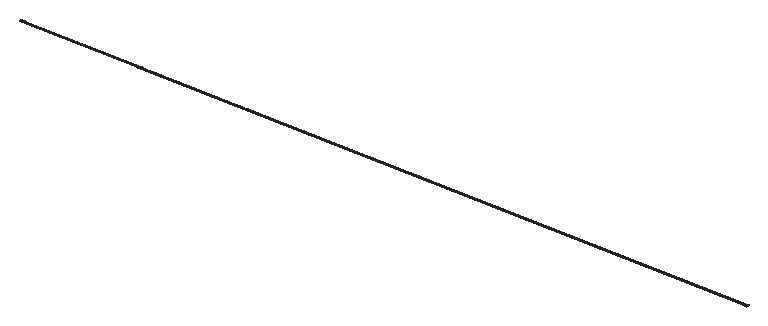
Revit family "0068173", category Lighting Fixtures, host Face, Revit 2017 (continued)
Forms (mm)
  Extrusion 71, solid
    sketch origin (999.592, 0, 0) x (1, 0, 0) y (0, 1, 0)
      loop
        line (86.3, -1.5) -> (86.3, 1.5) -> (84.3, 1.5) -> (84.3, -1.5) -> (86.3, -1.5)
    from -1.2 to -0.5
  Extrusion 72, solid
    sketch origin (1099.551, 0, 0) x (1, 0, 0) y (0, 1, 0)
      loop
        line (19.9, 1.5) -> (17.9, 1.5) -> (17.9, -1.5) -> (19.9, -1.5) -> (19.9, 1.5)
      loop
        line (34.5, 1.5) -> (34.5, -1.5) -> (36.5, -1.5) -> (36.5, 1.5) -> (34.5, 1.5)
      loop
        line (69.7, 1.5) -> (67.7, 1.5) -> (67.7, -1.5) -> (69.7, -1.5) -> (69.7, 1.5)
      loop
        line (86.3, -1.5) -> (86.3, 1.5) -> (84.3, 1.5) -> (84.3, -1.5) -> (86.3, -1.5)
    from -1.2 to -0.5
  Extrusion 73, solid
    sketch origin (1199.51, 0, 0) x (1, 0, 0) y (0, 1, 0)
      loop
        line (19.9, 1.5) -> (17.9, 1.5) -> (17.9, -1.5) -> (19.9, -1.5) -> (19.9, 1.5)
      loop
        line (34.5, 1.5) -> (34.5, -1.5) -> (36.5, -1.5) -> (36.5, 1.5) -> (34.5, 1.5)
      loop
        line (69.7, 1.5) -> (67.7, 1.5) -> (67.7, -1.5) -> (69.7, -1.5) -> (69.7, 1.5)
      loop
        line (86.3, -1.5) -> (86.3, 1.5) -> (84.3, 1.5) -> (84.3, -1.5) -> (86.3, -1.5)
    from -1.2 to -0.5
  Extrusion 74, solid
    sketch origin (1299.469, 0, 0) x (1, 0, 0) y (0, 1, 0)
      loop
        line (19.9, 1.5) -> (17.9, 1.5) -> (17.9, -1.5) -> (19.9, -1.5) -> (19.9, 1.5)
      loop
        line (34.5, 1.5) -> (34.5, -1.5) -> (36.5, -1.5) -> (36.5, 1.5) -> (34.5, 1.5)
      loop
        line (69.7, 1.5) -> (67.7, 1.5) -> (67.7, -1.5) -> (69.7, -1.5) -> (69.7, 1.5)
      loop
        line (86.3, -1.5) -> (86.3, 1.5) -> (84.3, 1.5) -> (84.3, -1.5) -> (86.3, -1.5)
    from -1.2 to -0.5
  Extrusion 75, solid
    sketch origin (1399.429, 0, 0) x (1, 0, 0) y (0, 1, 0)
      loop
        line (19.9, 1.5) -> (17.9, 1.5) -> (17.9, -1.5) -> (19.9, -1.5) -> (19.9, 1.5)
      loop
        line (34.5, 1.5) -> (34.5, -1.5) -> (36.5, -1.5) -> (36.5, 1.5) -> (34.5, 1.5)
      loop
        line (69.7, 1.5) -> (67.7, 1.5) -> (67.7, -1.5) -> (69.7, -1.5) -> (69.7, 1.5)
      loop
        line (86.3, -1.5) -> (86.3, 1.5) -> (84.3, 1.5) -> (84.3, -1.5) -> (86.3, -1.5)
    from -1.2 to -0.5
  Extrusion 76, solid
    sketch origin (1499.388, 0, 0) x (1, 0, 0) y (0, 1, 0)
      loop
        line (19.9, 1.5) -> (17.9, 1.5) -> (17.9, -1.5) -> (19.9, -1.5) -> (19.9, 1.5)
      loop
        line (34.5, 1.5) -> (34.5, -1.5) -> (36.5, -1.5) -> (36.5, 1.5) -> (34.5, 1.5)
      loop
        line (69.7, 1.5) -> (67.7, 1.5) -> (67.7, -1.5) -> (69.7, -1.5) -> (69.7, 1.5)
      loop
        line (86.3, -1.5) -> (86.3, 1.5) -> (84.3, 1.5) -> (84.3, -1.5) -> (86.3, -1.5)
    from -1.2 to -0.5
  Extrusion 77, solid
    sketch origin (1599.347, 0, 0) x (1, 0, 0) y (0, 1, 0)
      loop
        line (19.9, 1.5) -> (17.9, 1.5) -> (17.9, -1.5) -> (19.9, -1.5) -> (19.9, 1.5)
      loop
        line (34.5, 1.5) -> (34.5, -1.5) -> (36.5, -1.5) -> (36.5, 1.5) -> (34.5, 1.5)
      loop
        line (69.7, 1.5) -> (67.7, 1.5) -> (67.7, -1.5) -> (69.7, -1.5) -> (69.7, 1.5)
      loop
        line (86.3, -1.5) -> (86.3, 1.5) -> (84.3, 1.5) -> (84.3, -1.5) -> (86.3, -1.5)
    from -1.2 to -0.5
  Extrusion 78, solid
    sketch origin (1699.306, 0, 0) x (1, 0, 0) y (0, 1, 0)
      loop
        line (19.9, 1.5) -> (17.9, 1.5) -> (17.9, -1.5) -> (19.9, -1.5) -> (19.9, 1.5)
      loop
        line (34.5, 1.5) -> (34.5, -1.5) -> (36.5, -1.5) -> (36.5, 1.5) -> (34.5, 1.5)
      loop
        line (69.7, 1.5) -> (67.7, 1.5) -> (67.7, -1.5) -> (69.7, -1.5) -> (69.7, 1.5)
      loop
        line (86.3, -1.5) -> (86.3, 1.5) -> (84.3, 1.5) -> (84.3, -1.5) -> (86.3, -1.5)
    from -1.2 to -0.5
  Extrusion 79, solid
    sketch origin (1799.265, 0, 0) x (1, 0, 0) y (0, 1, 0)
      loop
        line (19.9, 1.5) -> (17.9, 1.5) -> (17.9, -1.5) -> (19.9, -1.5) -> (19.9, 1.5)
      loop
        line (34.5, 1.5) -> (34.5, -1.5) -> (36.5, -1.5) -> (36.5, 1.5) -> (34.5, 1.5)
      loop
        line (69.7, 1.5) -> (67.7, 1.5) -> (67.7, -1.5) -> (69.7, -1.5) -> (69.7, 1.5)
      loop
        line (86.3, -1.5) -> (86.3, 1.5) -> (84.3, 1.5) -> (84.3, -1.5) -> (86.3, -1.5)
    from -1.2 to -0.5
  Extrusion 80, solid
    sketch origin (1899.224, 0, 0) x (1, 0, 0) y (0, 1, 0)
      loop
        line (19.9, 1.5) -> (17.9, 1.5) -> (17.9, -1.5) -> (19.9, -1.5) -> (19.9, 1.5)
      loop
        line (34.5, 1.5) -> (34.5, -1.5) -> (36.5, -1.5) -> (36.5, 1.5) -> (34.5, 1.5)
      loop
        line (69.7, 1.5) -> (67.7, 1.5) -> (67.7, -1.5) -> (69.7, -1.5) -> (69.7, 1.5)
      loop
        line (86.3, -1.5) -> (86.3, 1.5) -> (84.3, 1.5) -> (84.3, -1.5) -> (86.3, -1.5)
    from -1.2 to -0.5
  Extrusion 81, solid
    sketch origin (1999.184, 0, 0) x (1, 0, 0) y (0, 1, 0)
      loop
        line (19.9, 1.5) -> (17.9, 1.5) -> (17.9, -1.5) -> (19.9, -1.5) -> (19.9, 1.5)
      loop
        line (34.5, 1.5) -> (34.5, -1.5) -> (36.5, -1.5) -> (36.5, 1.5) -> (34.5, 1.5)
      loop
        line (69.7, 1.5) -> (67.7, 1.5) -> (67.7, -1.5) -> (69.7, -1.5) -> (69.7, 1.5)
      loop
        line (86.3, -1.5) -> (86.3, 1.5) -> (84.3, 1.5) -> (84.3, -1.5) -> (86.3, -1.5)
    from -1.2 to -0.5
  Extrusion 82, solid
    sketch origin (2099.143, 0, 0) x (1, 0, 0) y (0, 1, 0)
      loop
        line (19.9, 1.5) -> (17.9, 1.5) -> (17.9, -1.5) -> (19.9, -1.5) -> (19.9, 1.5)
      loop
        line (34.5, 1.5) -> (34.5, -1.5) -> (36.5, -1.5) -> (36.5, 1.5) -> (34.5, 1.5)
      loop
        line (69.7, 1.5) -> (67.7, 1.5) -> (67.7, -1.5) -> (69.7, -1.5) -> (69.7, 1.5)
      loop
        line (86.3, -1.5) -> (86.3, 1.5) -> (84.3, 1.5) -> (84.3, -1.5) -> (86.3, -1.5)
    from -1.2 to -0.5
  Extrusion 83, solid
    sketch origin (2199.102, 0, 0) x (1, 0, 0) y (0, 1, 0)
      loop
        line (19.9, 1.5) -> (17.9, 1.5) -> (17.9, -1.5) -> (19.9, -1.5) -> (19.9, 1.5)
      loop
        line (34.5, 1.5) -> (34.5, -1.5) -> (36.5, -1.5) -> (36.5, 1.5) -> (34.5, 1.5)
      loop
        line (69.7, 1.5) -> (67.7, 1.5) -> (67.7, -1.5) -> (69.7, -1.5) -> (69.7, 1.5)
      loop
        line (86.3, -1.5) -> (86.3, 1.5) -> (84.3, 1.5) -> (84.3, -1.5) -> (86.3, -1.5)
    from -1.2 to -0.5
  Extrusion 84, solid
    sketch origin (2299.061, 0, 0) x (1, 0, 0) y (0, 1, 0)
      loop
        line (19.9, 1.5) -> (17.9, 1.5) -> (17.9, -1.5) -> (19.9, -1.5) -> (19.9, 1.5)
      loop
        line (34.5, 1.5) -> (34.5, -1.5) -> (36.5, -1.5) -> (36.5, 1.5) -> (34.5, 1.5)
      loop
        line (69.7, 1.5) -> (67.7, 1.5) -> (67.7, -1.5) -> (69.7, -1.5) -> (69.7, 1.5)
      loop
        line (86.3, -1.5) -> (86.3, 1.5) -> (84.3, 1.5) -> (84.3, -1.5) -> (86.3, -1.5)
    from -1.2 to -0.5
  Extrusion 85, solid
    sketch origin (2399.02, 0, 0) x (1, 0, 0) y (0, 1, 0)
      loop
        line (19.9, 1.5) -> (17.9, 1.5) -> (17.9, -1.5) -> (19.9, -1.5) -> (19.9, 1.5)
      loop
        line (34.5, 1.5) -> (34.5, -1.5) -> (36.5, -1.5) -> (36.5, 1.5) -> (34.5, 1.5)
      loop
        line (69.7, 1.5) -> (67.7, 1.5) -> (67.7, -1.5) -> (69.7, -1.5) -> (69.7, 1.5)
      loop
        line (86.3, -1.5) -> (86.3, 1.5) -> (84.3, 1.5) -> (84.3, -1.5) -> (86.3, -1.5)
    from -1.2 to -0.5
  Extrusion 86, solid
    sketch origin (2498.98, 0, 0) x (1, 0, 0) y (0, 1, 0)
      loop
        line (19.9, 1.5) -> (17.9, 1.5) -> (17.9, -1.5) -> (19.9, -1.5) -> (19.9, 1.5)
      loop
        line (34.5, 1.5) -> (34.5, -1.5) -> (36.5, -1.5) -> (36.5, 1.5) -> (34.5, 1.5)
      loop
        line (69.7, 1.5) -> (67.7, 1.5) -> (67.7, -1.5) -> (69.7, -1.5) -> (69.7, 1.5)
      loop
        line (86.3, -1.5) -> (86.3, 1.5) -> (84.3, 1.5) -> (84.3, -1.5) -> (86.3, -1.5)
    from -1.2 to -0.5
  Extrusion 87, solid
    sketch origin (2598.939, 0, 0) x (1, 0, 0) y (0, 1, 0)
      loop
        line (19.9, 1.5) -> (17.9, 1.5) -> (17.9, -1.5) -> (19.9, -1.5) -> (19.9, 1.5)
      loop
        line (34.5, 1.5) -> (34.5, -1.5) -> (36.5, -1.5) -> (36.5, 1.5) -> (34.5, 1.5)
      loop
        line (69.7, 1.5) -> (67.7, 1.5) -> (67.7, -1.5) -> (69.7, -1.5) -> (69.7, 1.5)
      loop
        line (86.3, -1.5) -> (86.3, 1.5) -> (84.3, 1.5) -> (84.3, -1.5) -> (86.3, -1.5)
    from -1.2 to -0.5
  Extrusion 88, solid
    sketch origin (2698.898, 0, 0) x (1, 0, 0) y (0, 1, 0)
      loop
        line (19.9, 1.5) -> (17.9, 1.5) -> (17.9, -1.5) -> (19.9, -1.5) -> (19.9, 1.5)
      loop
        line (34.5, 1.5) -> (34.5, -1.5) -> (36.5, -1.5) -> (36.5, 1.5) -> (34.5, 1.5)
      loop
        line (69.7, 1.5) -> (67.7, 1.5) -> (67.7, -1.5) -> (69.7, -1.5) -> (69.7, 1.5)
      loop
        line (86.3, -1.5) -> (86.3, 1.5) -> (84.3, 1.5) -> (84.3, -1.5) -> (86.3, -1.5)
    from -1.2 to -0.5
  Extrusion 89, solid
    sketch origin (2798.857, 0, 0) x (1, 0, 0) y (0, 1, 0)
      loop
        line (19.9, 1.5) -> (17.9, 1.5) -> (17.9, -1.5) -> (19.9, -1.5) -> (19.9, 1.5)
      loop
        line (34.5, 1.5) -> (34.5, -1.5) -> (36.5, -1.5) -> (36.5, 1.5) -> (34.5, 1.5)
      loop
        line (69.7, 1.5) -> (67.7, 1.5) -> (67.7, -1.5) -> (69.7, -1.5) -> (69.7, 1.5)
      loop
        line (86.3, -1.5) -> (86.3, 1.5) -> (84.3, 1.5) -> (84.3, -1.5) -> (86.3, -1.5)
    from -1.2 to -0.5
  Extrusion 90, solid
    sketch origin (2898.816, 0, 0) x (1, 0, 0) y (0, 1, 0)
      loop
        line (19.9, 1.5) -> (17.9, 1.5) -> (17.9, -1.5) -> (19.9, -1.5) -> (19.9, 1.5)
      loop
        line (34.5, 1.5) -> (34.5, -1.5) -> (36.5, -1.5) -> (36.5, 1.5) -> (34.5, 1.5)
      loop
        line (69.7, 1.5) -> (67.7, 1.5) -> (67.7, -1.5) -> (69.7, -1.5) -> (69.7, 1.5)
      loop
        line (86.3, -1.5) -> (86.3, 1.5) -> (84.3, 1.5) -> (84.3, -1.5) -> (86.3, -1.5)
    from -1.2 to -0.5
  Extrusion 91, solid
    sketch origin (2998.776, 0, 0) x (1, 0, 0) y (0, 1, 0)
      loop
        line (19.9, 1.5) -> (17.9, 1.5) -> (17.9, -1.5) -> (19.9, -1.5) -> (19.9, 1.5)
      loop
        line (34.5, 1.5) -> (34.5, -1.5) -> (36.5, -1.5) -> (36.5, 1.5) -> (34.5, 1.5)
      loop
        line (69.7, 1.5) -> (67.7, 1.5) -> (67.7, -1.5) -> (69.7, -1.5) -> (69.7, 1.5)
      loop
        line (86.3, -1.5) -> (86.3, 1.5) -> (84.3, 1.5) -> (84.3, -1.5) -> (86.3, -1.5)
    from -1.2 to -0.5
  Extrusion 92, solid
    sketch origin (3098.735, 0, 0) x (1, 0, 0) y (0, 1, 0)
      loop
        line (19.9, 1.5) -> (17.9, 1.5) -> (17.9, -1.5) -> (19.9, -1.5) -> (19.9, 1.5)
      loop
        line (34.5, 1.5) -> (34.5, -1.5) -> (36.5, -1.5) -> (36.5, 1.5) -> (34.5, 1.5)
      loop
        line (69.7, 1.5) -> (67.7, 1.5) -> (67.7, -1.5) -> (69.7, -1.5) -> (69.7, 1.5)
      loop
        line (86.3, -1.5) -> (86.3, 1.5) -> (84.3, 1.5) -> (84.3, -1.5) -> (86.3, -1.5)
    from -1.2 to -0.5
  Extrusion 93, solid
    sketch origin (3198.694, 0, 0) x (1, 0, 0) y (0, 1, 0)
      loop
        line (19.9, 1.5) -> (17.9, 1.5) -> (17.9, -1.5) -> (19.9, -1.5) -> (19.9, 1.5)
      loop
        line (34.5, 1.5) -> (34.5, -1.5) -> (36.5, -1.5) -> (36.5, 1.5) -> (34.5, 1.5)
      loop
        line (69.7, 1.5) -> (67.7, 1.5) -> (67.7, -1.5) -> (69.7, -1.5) -> (69.7, 1.5)
      loop
        line (86.3, -1.5) -> (86.3, 1.5) -> (84.3, 1.5) -> (84.3, -1.5) -> (86.3, -1.5)
    from -1.2 to -0.5
  Extrusion 94, solid
    sketch origin (3298.653, 0, 0) x (1, 0, 0) y (0, 1, 0)
      loop
        line (19.9, 1.5) -> (17.9, 1.5) -> (17.9, -1.5) -> (19.9, -1.5) -> (19.9, 1.5)
      loop
        line (34.5, 1.5) -> (34.5, -1.5) -> (36.5, -1.5) -> (36.5, 1.5) -> (34.5, 1.5)
      loop
        line (69.7, 1.5) -> (67.7, 1.5) -> (67.7, -1.5) -> (69.7, -1.5) -> (69.7, 1.5)
      loop
        line (86.3, -1.5) -> (86.3, 1.5) -> (84.3, 1.5) -> (84.3, -1.5) -> (86.3, -1.5)
    from -1.2 to -0.5
  Extrusion 95, solid
    sketch origin (3398.612, 0, 0) x (1, 0, 0) y (0, 1, 0)
      loop
        line (19.9, 1.5) -> (17.9, 1.5) -> (17.9, -1.5) -> (19.9, -1.5) -> (19.9, 1.5)
      loop
        line (34.5, 1.5) -> (34.5, -1.5) -> (36.5, -1.5) -> (36.5, 1.5) -> (34.5, 1.5)
      loop
        line (69.7, 1.5) -> (67.7, 1.5) -> (67.7, -1.5) -> (69.7, -1.5) -> (69.7, 1.5)
      loop
        line (86.3, -1.5) -> (86.3, 1.5) -> (84.3, 1.5) -> (84.3, -1.5) -> (86.3, -1.5)
    from -1.2 to -0.5
  Extrusion 96, solid
    sketch origin (3498.571, 0, 0) x (1, 0, 0) y (0, 1, 0)
      loop
        line (19.9, 1.5) -> (17.9, 1.5) -> (17.9, -1.5) -> (19.9, -1.5) -> (19.9, 1.5)
      loop
        line (34.5, 1.5) -> (34.5, -1.5) -> (36.5, -1.5) -> (36.5, 1.5) -> (34.5, 1.5)
      loop
        line (69.7, 1.5) -> (67.7, 1.5) -> (67.7, -1.5) -> (69.7, -1.5) -> (69.7, 1.5)
      loop
        line (86.3, -1.5) -> (86.3, 1.5) -> (84.3, 1.5) -> (84.3, -1.5) -> (86.3, -1.5)
    from -1.2 to -0.5
  Extrusion 97, solid
    sketch origin (3598.531, 0, 0) x (1, 0, 0) y (0, 1, 0)
      loop
        line (19.9, 1.5) -> (17.9, 1.5) -> (17.9, -1.5) -> (19.9, -1.5) -> (19.9, 1.5)
      loop
        line (34.5, 1.5) -> (34.5, -1.5) -> (36.5, -1.5) -> (36.5, 1.5) -> (34.5, 1.5)
      loop
        line (69.7, 1.5) -> (67.7, 1.5) -> (67.7, -1.5) -> (69.7, -1.5) -> (69.7, 1.5)
      loop
        line (86.3, -1.5) -> (86.3, 1.5) -> (84.3, 1.5) -> (84.3, -1.5) -> (86.3, -1.5)
    from -1.2 to -0.5
  Extrusion 98, solid
    sketch origin (3698.49, 0, 0) x (1, 0, 0) y (0, 1, 0)
      loop
        line (19.9, 1.5) -> (17.9, 1.5) -> (17.9, -1.5) -> (19.9, -1.5) -> (19.9, 1.5)
      loop
        line (34.5, 1.5) -> (34.5, -1.5) -> (36.5, -1.5) -> (36.5, 1.5) -> (34.5, 1.5)
      loop
        line (69.7, 1.5) -> (67.7, 1.5) -> (67.7, -1.5) -> (69.7, -1.5) -> (69.7, 1.5)
      loop
        line (86.3, -1.5) -> (86.3, 1.5) -> (84.3, 1.5) -> (84.3, -1.5) -> (86.3, -1.5)
    from -1.2 to -0.5
  Extrusion 99, solid
    sketch origin (3798.449, 0, 0) x (1, 0, 0) y (0, 1, 0)
      loop
        line (19.9, 1.5) -> (17.9, 1.5) -> (17.9, -1.5) -> (19.9, -1.5) -> (19.9, 1.5)
      loop
        line (34.5, 1.5) -> (34.5, -1.5) -> (36.5, -1.5) -> (36.5, 1.5) -> (34.5, 1.5)
      loop
        line (69.7, 1.5) -> (67.7, 1.5) -> (67.7, -1.5) -> (69.7, -1.5) -> (69.7, 1.5)
      loop
        line (86.3, -1.5) -> (86.3, 1.5) -> (84.3, 1.5) -> (84.3, -1.5) -> (86.3, -1.5)
    from -1.2 to -0.5
  Extrusion 100, solid
    sketch origin (3898.408, 0, 0) x (1, 0, 0) y (0, 1, 0)
      loop
        line (19.9, 1.5) -> (17.9, 1.5) -> (17.9, -1.5) -> (19.9, -1.5) -> (19.9, 1.5)
      loop
        line (34.5, 1.5) -> (34.5, -1.5) -> (36.5, -1.5) -> (36.5, 1.5) -> (34.5, 1.5)
      loop
        line (69.7, 1.5) -> (67.7, 1.5) -> (67.7, -1.5) -> (69.7, -1.5) -> (69.7, 1.5)
      loop
        line (86.3, -1.5) -> (86.3, 1.5) -> (84.3, 1.5) -> (84.3, -1.5) -> (86.3, -1.5)
    from -1.2 to -0.5
  Extrusion 101, solid
    sketch origin (3998.367, 0, 0) x (1, 0, 0) y (0, 1, 0)
      loop
        line (19.9, 1.5) -> (17.9, 1.5) -> (17.9, -1.5) -> (19.9, -1.5) -> (19.9, 1.5)
      loop
        line (34.5, 1.5) -> (34.5, -1.5) -> (36.5, -1.5) -> (36.5, 1.5) -> (34.5, 1.5)
      loop
        line (69.7, 1.5) -> (67.7, 1.5) -> (67.7, -1.5) -> (69.7, -1.5) -> (69.7, 1.5)
      loop
        line (86.3, -1.5) -> (86.3, 1.5) -> (84.3, 1.5) -> (84.3, -1.5) -> (86.3, -1.5)
    from -1.2 to -0.5
  Extrusion 102, solid
    sketch origin (4098.327, 0, 0) x (1, 0, 0) y (0, 1, 0)
      loop
        line (19.9, 1.5) -> (17.9, 1.5) -> (17.9, -1.5) -> (19.9, -1.5) -> (19.9, 1.5)
      loop
        line (34.5, 1.5) -> (34.5, -1.5) -> (36.5, -1.5) -> (36.5, 1.5) -> (34.5, 1.5)
      loop
        line (69.7, 1.5) -> (67.7, 1.5) -> (67.7, -1.5) -> (69.7, -1.5) -> (69.7, 1.5)
      loop
        line (86.3, -1.5) -> (86.3, 1.5) -> (84.3, 1.5) -> (84.3, -1.5) -> (86.3, -1.5)
    from -1.2 to -0.5
  Extrusion 103, solid
    sketch origin (4198.286, 0, 0) x (1, 0, 0) y (0, 1, 0)
      loop
        line (19.9, 1.5) -> (17.9, 1.5) -> (17.9, -1.5) -> (19.9, -1.5) -> (19.9, 1.5)
      loop
        line (34.5, 1.5) -> (34.5, -1.5) -> (36.5, -1.5) -> (36.5, 1.5) -> (34.5, 1.5)
      loop
        line (69.7, 1.5) -> (67.7, 1.5) -> (67.7, -1.5) -> (69.7, -1.5) -> (69.7, 1.5)
      loop
        line (86.3, -1.5) -> (86.3, 1.5) -> (84.3, 1.5) -> (84.3, -1.5) -> (86.3, -1.5)
    from -1.2 to -0.5
  Extrusion 104, solid
    sketch origin (4298.245, 0, 0) x (1, 0, 0) y (0, 1, 0)
      loop
        line (19.9, 1.5) -> (17.9, 1.5) -> (17.9, -1.5) -> (19.9, -1.5) -> (19.9, 1.5)
      loop
        line (34.5, 1.5) -> (34.5, -1.5) -> (36.5, -1.5) -> (36.5, 1.5) -> (34.5, 1.5)
      loop
        line (69.7, 1.5) -> (67.7, 1.5) -> (67.7, -1.5) -> (69.7, -1.5) -> (69.7, 1.5)
      loop
        line (86.3, -1.5) -> (86.3, 1.5) -> (84.3, 1.5) -> (84.3, -1.5) -> (86.3, -1.5)
    from -1.2 to -0.5
  Extrusion 105, solid
    sketch origin (4398.204, 0, 0) x (1, 0, 0) y (0, 1, 0)
      loop
        line (19.9, 1.5) -> (17.9, 1.5) -> (17.9, -1.5) -> (19.9, -1.5) -> (19.9, 1.5)
      loop
        line (34.5, 1.5) -> (34.5, -1.5) -> (36.5, -1.5) -> (36.5, 1.5) -> (34.5, 1.5)
      loop
        line (69.7, 1.5) -> (67.7, 1.5) -> (67.7, -1.5) -> (69.7, -1.5) -> (69.7, 1.5)
      loop
        line (86.3, -1.5) -> (86.3, 1.5) -> (84.3, 1.5) -> (84.3, -1.5) -> (86.3, -1.5)
    from -1.2 to -0.5
  Extrusion 106, solid
    sketch origin (4498.163, 0, 0) x (1, 0, 0) y (0, 1, 0)
      loop
        line (19.9, 1.5) -> (17.9, 1.5) -> (17.9, -1.5) -> (19.9, -1.5) -> (19.9, 1.5)
      loop
        line (34.5, 1.5) -> (34.5, -1.5) -> (36.5, -1.5) -> (36.5, 1.5) -> (34.5, 1.5)
      loop
        line (69.7, 1.5) -> (67.7, 1.5) -> (67.7, -1.5) -> (69.7, -1.5) -> (69.7, 1.5)
      loop
        line (86.3, -1.5) -> (86.3, 1.5) -> (84.3, 1.5) -> (84.3, -1.5) -> (86.3, -1.5)
    from -1.2 to -0.5
  Extrusion 107, solid
    sketch origin (4598.122, 0, 0) x (1, 0, 0) y (0, 1, 0)
      loop
        line (19.9, 1.5) -> (17.9, 1.5) -> (17.9, -1.5) -> (19.9, -1.5) -> (19.9, 1.5)
      loop
        line (34.5, 1.5) -> (34.5, -1.5) -> (36.5, -1.5) -> (36.5, 1.5) -> (34.5, 1.5)
      loop
        line (69.7, 1.5) -> (67.7, 1.5) -> (67.7, -1.5) -> (69.7, -1.5) -> (69.7, 1.5)
      loop
        line (86.3, -1.5) -> (86.3, 1.5) -> (84.3, 1.5) -> (84.3, -1.5) -> (86.3, -1.5)
    from -1.2 to -0.5
  Extrusion 108, solid
    sketch origin (4698.082, 0, 0) x (1, 0, 0) y (0, 1, 0)
      loop
        line (19.9, 1.5) -> (17.9, 1.5) -> (17.9, -1.5) -> (19.9, -1.5) -> (19.9, 1.5)
      loop
        line (34.5, 1.5) -> (34.5, -1.5) -> (36.5, -1.5) -> (36.5, 1.5) -> (34.5, 1.5)
      loop
        line (69.7, 1.5) -> (67.7, 1.5) -> (67.7, -1.5) -> (69.7, -1.5) -> (69.7, 1.5)
      loop
        line (86.3, -1.5) -> (86.3, 1.5) -> (84.3, 1.5) -> (84.3, -1.5) -> (86.3, -1.5)
    from -1.2 to -0.5
  Extrusion 109, solid
    sketch origin (4798.041, 0, 0) x (1, 0, 0) y (0, 1, 0)
      loop
        line (19.9, 1.5) -> (17.9, 1.5) -> (17.9, -1.5) -> (19.9, -1.5) -> (19.9, 1.5)
      loop
        line (34.5, 1.5) -> (34.5, -1.5) -> (36.5, -1.5) -> (36.5, 1.5) -> (34.5, 1.5)
      loop
        line (69.7, 1.5) -> (67.7, 1.5) -> (67.7, -1.5) -> (69.7, -1.5) -> (69.7, 1.5)
      loop
        line (86.3, -1.5) -> (86.3, 1.5) -> (84.3, 1.5) -> (84.3, -1.5) -> (86.3, -1.5)
    from -1.2 to -0.5
Dimensions and locks
  "CABLE_LENGHT_SYL": plane 7 to plane 3 "Center (Left/Right)"
  "LUM_WIDTH_SYL": plane 6 to plane 1 "Center (Front/Back)" to plane 5
  "CABLE_BLEND_SYL": plane 8 to plane 3 "Center (Left/Right)"
  "CABLE_END_SYL": plane 7 to plane 9
  "LUM_LENGHT_SYL": plane 3 "Center (Left/Right)" to plane 4
  "CABLE_DIST_SYL": plane 11 to plane 1 "Center (Front/Back)" to plane 10
  "CABLE_DIST2_SYL": plane 12 to plane 5
  "CABLE_DIST2_SYL": plane 6 to plane 13
  "LED_DIST1_SYL": plane 3 "Center (Left/Right)" to plane 14
  "LED_DIST_SYL": plane 14 to plane 15 to plane 16 to plane 17 to plane 18 to plane 19
  "LED_DIST_SYL": plane 34 to plane 35
  "LED_DIST_SYL": plane 36 to plane 37
  "LED_2_DIST_SYL": plane 35 to plane 36
  "LED_CH_S_WIDTH_SYL": plane 47 to plane 1 "Center (Front/Back)" to plane 46
  "LED_CH_L_WIDTH_SYL": plane 21 to plane 1 "Center (Front/Back)" to plane 20
  "LED_CH_L_DEPTH_SYL": plane 23 to plane 14 to plane 22
  "LED_CH_L_DEPTH_SYL": plane 25 to plane 15 to plane 24
  "LED_CH_L_DEPTH_SYL": plane 27 to plane 16 to plane 26
  "LED_CH_L_DEPTH_SYL": plane 28 to plane 17 to plane 29
  "LED_CH_L_DEPTH_SYL": plane 30 to plane 18 to plane 31
  "LED_CH_L_DEPTH_SYL": plane 33 to plane 19 to plane 32
  "LED_CH_S_DEPTH_SYL": plane 39 to plane 34 to plane 38
  "LED_CH_S_DEPTH_SYL": plane 40 to plane 35 to plane 41
  "LED_CH_S_DEPTH_SYL": plane 43 to plane 36 to plane 42
  "LED_CH_S_DEPTH_SYL": plane 44 to plane 37 to plane 45
  equal spacing: group 1, group 3, group 4, group 5, group 6, group 7, group 8, group 9, group 10, group 11, group 12, group 13, group 14, group 15, group 16, group 17, group 18, group 19, group 20, group 21, group 22, group 23, group 24, group 25, group 26, group 27, group 28, group 29, group 30, group 31, group 32, group 33, group 34, group 35, group 36, group 37, group 38, group 39, group 40, group 41, group 42, group 43, group 44, group 45, group 46, group 47, group 48, group 49, group 50, group 2  (x3)
  "PHOTOMETRY1_SYL": imposter light to plane 4
  "PHOTOMETRY2_SYL": imposter light to Extrusion 1
  "PHOTOMETRY3_SYL": Extrusion 29 to imposter light
  plane 4 to plane 49 = 5 mm
  "LUM__CAP_SYL": plane 48 to plane 3 "Center (Left/Right)"
  "LUM__CAP_SYL": plane 3 "Center (Left/Right)" to plane 50
  "LUM__CAP_SYL": plane 51 to plane 4
  "LUM__CAP_SYL": plane 4 to plane 49
  "LUM_CAD_W_SYL": plane 53 to plane 1 "Center (Front/Back)" to plane 52
  "LUM_PROT_SYL": plane 55 to plane 1 "Center (Front/Back)" to plane 54
  equal spacing: group 53, group 55, group 56, group 57, group 58, group 59, group 60, group 61, group 62, group 63, group 64, group 65, group 66, group 67, group 68, group 69, group 70, group 71, group 72, group 73, group 74, group 75, group 76, group 77, group 78, group 79, group 80, group 81, group 82, group 83, group 84, group 85, group 86, group 87, group 88, group 89, group 90, group 91, group 92, group 93, group 94, group 95, group 96, group 97, group 98, group 99, group 100, group 101, group 102, group 54  (x3)
  aligned and locked: host face to plane 2
  aligned and locked: host face to level
  aligned and locked: Extrusion 1 sketch curve to plane 4
  aligned and locked: Revolve 4 sketch curve to plane 10
  aligned and locked: Sweep 2 to Revolve 4 sketch curve
  aligned and locked: plane 12 to Revolve 4 sketch curve
  aligned and locked: plane 7 to Revolve 4 sketch curve
  aligned and locked: Revolve 5 sketch curve to plane 11  (x2)
  aligned and locked: Revolve 5 sketch curve to Sweep 3
  aligned and locked: plane 13 to Revolve 5 sketch curve
  aligned and locked: Revolve 5 sketch curve to plane 7
  aligned and locked: plane 3 "Center (Left/Right)" to Extrusion 1 sketch curve
  aligned and locked: Extrusion 58 sketch curve to plane 52
  aligned and locked: plane 50 to Extrusion 58 sketch curve
  aligned and locked: plane 53 to Extrusion 58 sketch curve
  aligned and locked: Extrusion 58 sketch curve to plane 48
  aligned and locked: Extrusion 59 sketch curve to plane 51
Automatic sketch dimensions
  level to Sweep 3 sketch curve = 0 mm
  Sweep 3 sketch curve to profile plane = 0 mm
  Sweep 2 sketch curve to level = 0 mm
  Sweep 2 sketch curve to profile plane = 0 mm
  host sketch curve to host sketch curve = 6451.645 mm
  host sketch curve to host sketch curve = 2438.4 mm
  Revolve 5 sketch curve to plane 7 = 1324 mm
  Extrusion 6 sketch curve to Extrusion 6 sketch curve = 2.8 mm  (x6)
  Extrusion 6 sketch curve to Extrusion 6 sketch curve = 13.8 mm  (x5)
  Extrusion 6 sketch curve to Extrusion 6 sketch curve = 0 mm  (x5)
  Extrusion 6 sketch curve to Extrusion 6 sketch curve = 3.4 mm  (x6)
  Extrusion 7 sketch curve to Extrusion 7 sketch curve = 2.8 mm  (x6)
  Extrusion 7 sketch curve to Extrusion 7 sketch curve = 13.8 mm  (x5)
  Extrusion 7 sketch curve to Extrusion 7 sketch curve = 0 mm  (x5)
  Extrusion 7 sketch curve to Extrusion 7 sketch curve = 3.4 mm  (x6)
  Extrusion 8 sketch curve to Extrusion 8 sketch curve = 2.8 mm  (x6)
  Extrusion 8 sketch curve to Extrusion 8 sketch curve = 13.8 mm  (x5)
  Extrusion 8 sketch curve to Extrusion 8 sketch curve = 0 mm  (x5)
  Extrusion 8 sketch curve to Extrusion 8 sketch curve = 3.4 mm  (x6)
  Extrusion 9 sketch curve to Extrusion 9 sketch curve = 2.8 mm  (x6)
  Extrusion 9 sketch curve to Extrusion 9 sketch curve = 13.8 mm  (x5)
  Extrusion 9 sketch curve to Extrusion 9 sketch curve = 0 mm  (x5)
  Extrusion 9 sketch curve to Extrusion 9 sketch curve = 3.4 mm  (x6)
  Extrusion 10 sketch curve to Extrusion 10 sketch curve = 2.8 mm  (x6)
  Extrusion 10 sketch curve to Extrusion 10 sketch curve = 13.8 mm  (x5)
  Extrusion 10 sketch curve to Extrusion 10 sketch curve = 0 mm  (x5)
  Extrusion 10 sketch curve to Extrusion 10 sketch curve = 3.4 mm  (x6)
  Extrusion 11 sketch curve to Extrusion 11 sketch curve = 2.8 mm  (x6)
  Extrusion 11 sketch curve to Extrusion 11 sketch curve = 13.8 mm  (x5)
  Extrusion 11 sketch curve to Extrusion 11 sketch curve = 0 mm  (x5)
  Extrusion 11 sketch curve to Extrusion 11 sketch curve = 3.4 mm  (x6)
  Extrusion 12 sketch curve to Extrusion 12 sketch curve = 2.8 mm  (x6)
  Extrusion 12 sketch curve to Extrusion 12 sketch curve = 13.8 mm  (x5)
  Extrusion 12 sketch curve to Extrusion 12 sketch curve = 0 mm  (x5)
  Extrusion 12 sketch curve to Extrusion 12 sketch curve = 3.4 mm  (x6)
  Extrusion 13 sketch curve to Extrusion 13 sketch curve = 2.8 mm  (x6)
  Extrusion 13 sketch curve to Extrusion 13 sketch curve = 13.8 mm  (x5)
  Extrusion 13 sketch curve to Extrusion 13 sketch curve = 0 mm  (x5)
  Extrusion 13 sketch curve to Extrusion 13 sketch curve = 3.4 mm  (x6)
  Extrusion 14 sketch curve to Extrusion 14 sketch curve = 2.8 mm  (x6)
  Extrusion 14 sketch curve to Extrusion 14 sketch curve = 13.8 mm  (x5)
  Extrusion 14 sketch curve to Extrusion 14 sketch curve = 0 mm  (x5)
  Extrusion 14 sketch curve to Extrusion 14 sketch curve = 3.4 mm  (x6)
  Extrusion 15 sketch curve to Extrusion 15 sketch curve = 2.8 mm  (x6)
  Extrusion 15 sketch curve to Extrusion 15 sketch curve = 13.8 mm  (x5)
  Extrusion 15 sketch curve to Extrusion 15 sketch curve = 0 mm  (x5)
  Extrusion 15 sketch curve to Extrusion 15 sketch curve = 3.4 mm  (x6)
  Extrusion 16 sketch curve to Extrusion 16 sketch curve = 2.8 mm  (x6)
  Extrusion 16 sketch curve to Extrusion 16 sketch curve = 13.8 mm  (x5)
  Extrusion 16 sketch curve to Extrusion 16 sketch curve = 0 mm  (x5)
  Extrusion 16 sketch curve to Extrusion 16 sketch curve = 3.4 mm  (x6)
  Extrusion 17 sketch curve to Extrusion 17 sketch curve = 2.8 mm  (x6)
  Extrusion 17 sketch curve to Extrusion 17 sketch curve = 13.8 mm  (x5)
  Extrusion 17 sketch curve to Extrusion 17 sketch curve = 0 mm  (x5)
  Extrusion 17 sketch curve to Extrusion 17 sketch curve = 3.4 mm  (x6)
  Extrusion 18 sketch curve to Extrusion 18 sketch curve = 2.8 mm  (x6)
  Extrusion 18 sketch curve to Extrusion 18 sketch curve = 13.8 mm  (x5)
  Extrusion 18 sketch curve to Extrusion 18 sketch curve = 0 mm  (x5)
  Extrusion 18 sketch curve to Extrusion 18 sketch curve = 3.4 mm  (x6)
  Extrusion 19 sketch curve to Extrusion 19 sketch curve = 2.8 mm  (x6)
  Extrusion 19 sketch curve to Extrusion 19 sketch curve = 13.8 mm  (x5)
  Extrusion 19 sketch curve to Extrusion 19 sketch curve = 0 mm  (x5)
  Extrusion 19 sketch curve to Extrusion 19 sketch curve = 3.4 mm  (x6)
  Extrusion 20 sketch curve to Extrusion 20 sketch curve = 2.8 mm  (x6)
  Extrusion 20 sketch curve to Extrusion 20 sketch curve = 13.8 mm  (x5)
  Extrusion 20 sketch curve to Extrusion 20 sketch curve = 0 mm  (x5)
  Extrusion 20 sketch curve to Extrusion 20 sketch curve = 3.4 mm  (x6)
  Extrusion 21 sketch curve to Extrusion 21 sketch curve = 2.8 mm  (x6)
  Extrusion 21 sketch curve to Extrusion 21 sketch curve = 13.8 mm  (x5)
  Extrusion 21 sketch curve to Extrusion 21 sketch curve = 0 mm  (x5)
  Extrusion 21 sketch curve to Extrusion 21 sketch curve = 3.4 mm  (x6)
  Extrusion 22 sketch curve to Extrusion 22 sketch curve = 2.8 mm  (x6)
  Extrusion 22 sketch curve to Extrusion 22 sketch curve = 13.8 mm  (x5)
  Extrusion 22 sketch curve to Extrusion 22 sketch curve = 0 mm  (x5)
  Extrusion 22 sketch curve to Extrusion 22 sketch curve = 3.4 mm  (x6)
  Extrusion 23 sketch curve to Extrusion 23 sketch curve = 2.8 mm  (x6)
  Extrusion 23 sketch curve to Extrusion 23 sketch curve = 13.8 mm  (x5)
  Extrusion 23 sketch curve to Extrusion 23 sketch curve = 0 mm  (x5)
  Extrusion 23 sketch curve to Extrusion 23 sketch curve = 3.4 mm  (x6)
  Extrusion 24 sketch curve to Extrusion 24 sketch curve = 2.8 mm  (x6)
  Extrusion 24 sketch curve to Extrusion 24 sketch curve = 13.8 mm  (x5)
  Extrusion 24 sketch curve to Extrusion 24 sketch curve = 0 mm  (x5)
  Extrusion 24 sketch curve to Extrusion 24 sketch curve = 3.4 mm  (x6)
  Extrusion 25 sketch curve to Extrusion 25 sketch curve = 2.8 mm  (x6)
  Extrusion 25 sketch curve to Extrusion 25 sketch curve = 13.8 mm  (x5)
  Extrusion 25 sketch curve to Extrusion 25 sketch curve = 0 mm  (x5)
  Extrusion 25 sketch curve to Extrusion 25 sketch curve = 3.4 mm  (x6)
  Extrusion 26 sketch curve to Extrusion 26 sketch curve = 2.8 mm  (x6)
  Extrusion 26 sketch curve to Extrusion 26 sketch curve = 13.8 mm  (x5)
  Extrusion 26 sketch curve to Extrusion 26 sketch curve = 0 mm  (x5)
  Extrusion 26 sketch curve to Extrusion 26 sketch curve = 3.4 mm  (x6)
  Extrusion 27 sketch curve to Extrusion 27 sketch curve = 2.8 mm  (x6)
  Extrusion 27 sketch curve to Extrusion 27 sketch curve = 13.8 mm  (x5)
  Extrusion 27 sketch curve to Extrusion 27 sketch curve = 0 mm  (x5)
  Extrusion 27 sketch curve to Extrusion 27 sketch curve = 3.4 mm  (x6)
  Extrusion 28 sketch curve to Extrusion 28 sketch curve = 2.8 mm  (x6)
  Extrusion 28 sketch curve to Extrusion 28 sketch curve = 13.8 mm  (x5)
  Extrusion 28 sketch curve to Extrusion 28 sketch curve = 0 mm  (x5)
  Extrusion 28 sketch curve to Extrusion 28 sketch curve = 3.4 mm  (x6)
  Extrusion 29 sketch curve to Extrusion 29 sketch curve = 2.8 mm  (x6)
  Extrusion 29 sketch curve to Extrusion 29 sketch curve = 13.8 mm  (x5)
  Extrusion 29 sketch curve to Extrusion 29 sketch curve = 0 mm  (x5)
  Extrusion 29 sketch curve to Extrusion 29 sketch curve = 3.4 mm  (x6)
  Extrusion 30 sketch curve to Extrusion 30 sketch curve = 2.8 mm  (x6)
  Extrusion 30 sketch curve to Extrusion 30 sketch curve = 13.8 mm  (x5)
  Extrusion 30 sketch curve to Extrusion 30 sketch curve = 0 mm  (x5)
  Extrusion 30 sketch curve to Extrusion 30 sketch curve = 3.4 mm  (x6)
  Extrusion 31 sketch curve to Extrusion 31 sketch curve = 2.8 mm  (x6)
  Extrusion 31 sketch curve to Extrusion 31 sketch curve = 13.8 mm  (x5)
  Extrusion 31 sketch curve to Extrusion 31 sketch curve = 0 mm  (x5)
  Extrusion 31 sketch curve to Extrusion 31 sketch curve = 3.4 mm  (x6)
  Extrusion 32 sketch curve to Extrusion 32 sketch curve = 2.8 mm  (x6)
  Extrusion 32 sketch curve to Extrusion 32 sketch curve = 13.8 mm  (x5)
  Extrusion 32 sketch curve to Extrusion 32 sketch curve = 0 mm  (x5)
  Extrusion 32 sketch curve to Extrusion 32 sketch curve = 3.4 mm  (x6)
  Extrusion 33 sketch curve to Extrusion 33 sketch curve = 2.8 mm  (x6)
  Extrusion 33 sketch curve to Extrusion 33 sketch curve = 13.8 mm  (x5)
  Extrusion 33 sketch curve to Extrusion 33 sketch curve = 0 mm  (x5)
  Extrusion 33 sketch curve to Extrusion 33 sketch curve = 3.4 mm  (x6)
  Extrusion 34 sketch curve to Extrusion 34 sketch curve = 2.8 mm  (x6)
  Extrusion 34 sketch curve to Extrusion 34 sketch curve = 13.8 mm  (x5)
  Extrusion 34 sketch curve to Extrusion 34 sketch curve = 0 mm  (x5)
  Extrusion 34 sketch curve to Extrusion 34 sketch curve = 3.4 mm  (x6)
  Extrusion 35 sketch curve to Extrusion 35 sketch curve = 2.8 mm  (x6)
  Extrusion 35 sketch curve to Extrusion 35 sketch curve = 13.8 mm  (x5)
  Extrusion 35 sketch curve to Extrusion 35 sketch curve = 0 mm  (x5)
  Extrusion 35 sketch curve to Extrusion 35 sketch curve = 3.4 mm  (x6)
  Extrusion 36 sketch curve to Extrusion 36 sketch curve = 2.8 mm  (x6)
  Extrusion 36 sketch curve to Extrusion 36 sketch curve = 13.8 mm  (x5)
  Extrusion 36 sketch curve to Extrusion 36 sketch curve = 0 mm  (x5)
  Extrusion 36 sketch curve to Extrusion 36 sketch curve = 3.4 mm  (x6)
  Extrusion 37 sketch curve to Extrusion 37 sketch curve = 2.8 mm  (x6)
  Extrusion 37 sketch curve to Extrusion 37 sketch curve = 13.8 mm  (x5)
  Extrusion 37 sketch curve to Extrusion 37 sketch curve = 0 mm  (x5)
  Extrusion 37 sketch curve to Extrusion 37 sketch curve = 3.4 mm  (x6)
  Extrusion 38 sketch curve to Extrusion 38 sketch curve = 2.8 mm  (x6)
  Extrusion 38 sketch curve to Extrusion 38 sketch curve = 13.8 mm  (x5)
  Extrusion 38 sketch curve to Extrusion 38 sketch curve = 0 mm  (x5)
  Extrusion 38 sketch curve to Extrusion 38 sketch curve = 3.4 mm  (x6)
  Extrusion 39 sketch curve to Extrusion 39 sketch curve = 2.8 mm  (x6)
  Extrusion 39 sketch curve to Extrusion 39 sketch curve = 13.8 mm  (x5)
  Extrusion 39 sketch curve to Extrusion 39 sketch curve = 0 mm  (x5)
  Extrusion 39 sketch curve to Extrusion 39 sketch curve = 3.4 mm  (x6)
  Extrusion 40 sketch curve to Extrusion 40 sketch curve = 2.8 mm  (x6)
  Extrusion 40 sketch curve to Extrusion 40 sketch curve = 13.8 mm  (x5)
  Extrusion 40 sketch curve to Extrusion 40 sketch curve = 0 mm  (x5)
  Extrusion 40 sketch curve to Extrusion 40 sketch curve = 3.4 mm  (x6)
  Extrusion 41 sketch curve to Extrusion 41 sketch curve = 2.8 mm  (x6)
  Extrusion 41 sketch curve to Extrusion 41 sketch curve = 13.8 mm  (x5)
  Extrusion 41 sketch curve to Extrusion 41 sketch curve = 0 mm  (x5)
  Extrusion 41 sketch curve to Extrusion 41 sketch curve = 3.4 mm  (x6)
  Extrusion 42 sketch curve to Extrusion 42 sketch curve = 2.8 mm  (x6)
  Extrusion 42 sketch curve to Extrusion 42 sketch curve = 13.8 mm  (x5)
  Extrusion 42 sketch curve to Extrusion 42 sketch curve = 0 mm  (x5)
  Extrusion 42 sketch curve to Extrusion 42 sketch curve = 3.4 mm  (x6)
  Extrusion 43 sketch curve to Extrusion 43 sketch curve = 2.8 mm  (x6)
  Extrusion 43 sketch curve to Extrusion 43 sketch curve = 13.8 mm  (x5)
  Extrusion 43 sketch curve to Extrusion 43 sketch curve = 0 mm  (x5)
  Extrusion 43 sketch curve to Extrusion 43 sketch curve = 3.4 mm  (x6)
  Extrusion 44 sketch curve to Extrusion 44 sketch curve = 2.8 mm  (x6)
  Extrusion 44 sketch curve to Extrusion 44 sketch curve = 13.8 mm  (x5)
  Extrusion 44 sketch curve to Extrusion 44 sketch curve = 0 mm  (x5)
  Extrusion 44 sketch curve to Extrusion 44 sketch curve = 3.4 mm  (x6)
  Extrusion 45 sketch curve to Extrusion 45 sketch curve = 2.8 mm  (x6)
  Extrusion 45 sketch curve to Extrusion 45 sketch curve = 13.8 mm  (x5)
  Extrusion 45 sketch curve to Extrusion 45 sketch curve = 0 mm  (x5)
  Extrusion 45 sketch curve to Extrusion 45 sketch curve = 3.4 mm  (x6)
  Extrusion 46 sketch curve to Extrusion 46 sketch curve = 2.8 mm  (x6)
  Extrusion 46 sketch curve to Extrusion 46 sketch curve = 13.8 mm  (x5)
  Extrusion 46 sketch curve to Extrusion 46 sketch curve = 0 mm  (x5)
  Extrusion 46 sketch curve to Extrusion 46 sketch curve = 3.4 mm  (x6)
  Extrusion 47 sketch curve to Extrusion 47 sketch curve = 2.8 mm  (x6)
  Extrusion 47 sketch curve to Extrusion 47 sketch curve = 13.8 mm  (x5)
  Extrusion 47 sketch curve to Extrusion 47 sketch curve = 0 mm  (x5)
  Extrusion 47 sketch curve to Extrusion 47 sketch curve = 3.4 mm  (x6)
  Extrusion 48 sketch curve to Extrusion 48 sketch curve = 2.8 mm  (x6)
  Extrusion 48 sketch curve to Extrusion 48 sketch curve = 13.8 mm  (x5)
  Extrusion 48 sketch curve to Extrusion 48 sketch curve = 0 mm  (x5)
  Extrusion 48 sketch curve to Extrusion 48 sketch curve = 3.4 mm  (x6)
  Extrusion 49 sketch curve to Extrusion 49 sketch curve = 2.8 mm  (x6)
  Extrusion 49 sketch curve to Extrusion 49 sketch curve = 13.8 mm  (x5)
  Extrusion 49 sketch curve to Extrusion 49 sketch curve = 0 mm  (x5)
  Extrusion 49 sketch curve to Extrusion 49 sketch curve = 3.4 mm  (x6)
  Extrusion 50 sketch curve to Extrusion 50 sketch curve = 2.8 mm  (x6)
  Extrusion 50 sketch curve to Extrusion 50 sketch curve = 13.8 mm  (x5)
  Extrusion 50 sketch curve to Extrusion 50 sketch curve = 0 mm  (x5)
  Extrusion 50 sketch curve to Extrusion 50 sketch curve = 3.4 mm  (x6)
  Extrusion 51 sketch curve to Extrusion 51 sketch curve = 2.8 mm  (x6)
  Extrusion 51 sketch curve to Extrusion 51 sketch curve = 13.8 mm  (x5)
  Extrusion 51 sketch curve to Extrusion 51 sketch curve = 0 mm  (x5)
  Extrusion 51 sketch curve to Extrusion 51 sketch curve = 3.4 mm  (x6)
  Extrusion 52 sketch curve to Extrusion 52 sketch curve = 2.8 mm  (x6)
  Extrusion 52 sketch curve to Extrusion 52 sketch curve = 13.8 mm  (x5)
  Extrusion 52 sketch curve to Extrusion 52 sketch curve = 0 mm  (x5)
  Extrusion 52 sketch curve to Extrusion 52 sketch curve = 3.4 mm  (x6)
  Extrusion 53 sketch curve to Extrusion 53 sketch curve = 2.8 mm  (x6)
  Extrusion 53 sketch curve to Extrusion 53 sketch curve = 13.8 mm  (x5)
  Extrusion 53 sketch curve to Extrusion 53 sketch curve = 0 mm  (x5)
  Extrusion 53 sketch curve to Extrusion 53 sketch curve = 3.4 mm  (x6)
  Extrusion 54 sketch curve to Extrusion 54 sketch curve = 2.8 mm  (x6)
  Extrusion 54 sketch curve to Extrusion 54 sketch curve = 13.8 mm  (x5)
  Extrusion 54 sketch curve to Extrusion 54 sketch curve = 0 mm  (x5)
  Extrusion 54 sketch curve to Extrusion 54 sketch curve = 3.4 mm  (x6)
  Extrusion 55 sketch curve to Extrusion 55 sketch curve = 2.8 mm  (x6)
  Extrusion 55 sketch curve to Extrusion 55 sketch curve = 13.8 mm  (x5)
  Extrusion 55 sketch curve to Extrusion 55 sketch curve = 0 mm  (x5)
  Extrusion 55 sketch curve to Extrusion 55 sketch curve = 3.4 mm  (x6)
  Extrusion 56 sketch curve to Extrusion 56 sketch curve = 2 mm  (x4)
  Extrusion 56 sketch curve to Extrusion 56 sketch curve = 14.6 mm  (x2)
  Extrusion 56 sketch curve to Extrusion 56 sketch curve = 31.2 mm
  Extrusion 56 sketch curve to Extrusion 56 sketch curve = 0 mm  (x3)
  Extrusion 56 sketch curve to Extrusion 56 sketch curve = 3 mm  (x4)
  Extrusion 57 sketch curve to Extrusion 57 sketch curve = 2 mm  (x4)
  Extrusion 57 sketch curve to Extrusion 57 sketch curve = 14.6 mm  (x2)
  Extrusion 57 sketch curve to Extrusion 57 sketch curve = 31.2 mm
  Extrusion 57 sketch curve to Extrusion 57 sketch curve = 0 mm  (x3)
  Extrusion 57 sketch curve to Extrusion 57 sketch curve = 3 mm  (x4)
  plane 32 to Revolve 5 sketch curve = 1429 mm
  plane 6 to Extrusion 1 sketch curve = 0 mm
  plane 5 to Extrusion 1 sketch curve = 0 mm
  Extrusion 58 sketch curve to plane 51 = 0 mm
  Extrusion 58 sketch curve to plane 49 = 0 mm
  plane 52 to Extrusion 58 sketch curve = 0.013 mm
  plane 53 to Extrusion 58 sketch curve = 0.029 mm
  Sweep 2 sketch curve to plane 9 = 0 mm
  plane 10 to Sweep 2 sketch curve = 0 mm
  Sweep 2 sketch curve to plane 48 = 0 mm
  Sweep 3 sketch curve to plane 9 = 0 mm
  plane 11 to Sweep 3 sketch curve = 0 mm
  Sweep 3 sketch curve to plane 48 = 0 mm
  Extrusion 59 sketch curve to plane 50 = 0 mm
  plane 55 to Extrusion 59 sketch curve = 0 mm
  plane 54 to Extrusion 59 sketch curve = 0 mm
  Extrusion 60 sketch curve to Extrusion 60 sketch curve = 2 mm  (x4)
  Extrusion 60 sketch curve to Extrusion 60 sketch curve = 14.6 mm  (x2)
  Extrusion 60 sketch curve to Extrusion 60 sketch curve = 31.2 mm
  Extrusion 60 sketch curve to Extrusion 60 sketch curve = 0 mm  (x3)
  Extrusion 60 sketch curve to Extrusion 60 sketch curve = 3 mm  (x4)
  Extrusion 61 sketch curve to Extrusion 61 sketch curve = 2 mm  (x4)
  Extrusion 61 sketch curve to Extrusion 61 sketch curve = 14.6 mm  (x2)
  Extrusion 61 sketch curve to Extrusion 61 sketch curve = 31.2 mm
  Extrusion 61 sketch curve to Extrusion 61 sketch curve = 0 mm  (x3)
  Extrusion 61 sketch curve to Extrusion 61 sketch curve = 3 mm  (x4)
  Extrusion 62 sketch curve to Extrusion 62 sketch curve = 2 mm  (x4)
  Extrusion 62 sketch curve to Extrusion 62 sketch curve = 14.6 mm  (x2)
  Extrusion 62 sketch curve to Extrusion 62 sketch curve = 31.2 mm
  Extrusion 62 sketch curve to Extrusion 62 sketch curve = 0 mm  (x3)
  Extrusion 62 sketch curve to Extrusion 62 sketch curve = 3 mm  (x4)
  Extrusion 63 sketch curve to Extrusion 63 sketch curve = 2 mm  (x4)
  Extrusion 63 sketch curve to Extrusion 63 sketch curve = 14.6 mm  (x2)
  Extrusion 63 sketch curve to Extrusion 63 sketch curve = 31.2 mm
  Extrusion 63 sketch curve to Extrusion 63 sketch curve = 0 mm  (x3)
  Extrusion 63 sketch curve to Extrusion 63 sketch curve = 3 mm  (x4)
  Extrusion 64 sketch curve to Extrusion 64 sketch curve = 2 mm  (x4)
  Extrusion 64 sketch curve to Extrusion 64 sketch curve = 14.6 mm  (x2)
  Extrusion 64 sketch curve to Extrusion 64 sketch curve = 31.2 mm
  Extrusion 64 sketch curve to Extrusion 64 sketch curve = 0 mm  (x3)
  Extrusion 64 sketch curve to Extrusion 64 sketch curve = 3 mm  (x4)
  Extrusion 65 sketch curve to Extrusion 65 sketch curve = 2 mm  (x4)
  Extrusion 65 sketch curve to Extrusion 65 sketch curve = 14.6 mm  (x2)
  Extrusion 65 sketch curve to Extrusion 65 sketch curve = 31.2 mm
  Extrusion 65 sketch curve to Extrusion 65 sketch curve = 0 mm  (x3)
  Extrusion 65 sketch curve to Extrusion 65 sketch curve = 3 mm  (x4)
  Extrusion 66 sketch curve to Extrusion 66 sketch curve = 2 mm  (x4)
  Extrusion 66 sketch curve to Extrusion 66 sketch curve = 14.6 mm  (x2)
  Extrusion 66 sketch curve to Extrusion 66 sketch curve = 31.2 mm
  Extrusion 66 sketch curve to Extrusion 66 sketch curve = 0 mm  (x3)
  Extrusion 66 sketch curve to Extrusion 66 sketch curve = 3 mm  (x4)
  Extrusion 67 sketch curve to Extrusion 67 sketch curve = 2 mm  (x4)
  Extrusion 67 sketch curve to Extrusion 67 sketch curve = 14.6 mm  (x2)
  Extrusion 67 sketch curve to Extrusion 67 sketch curve = 31.2 mm
  Extrusion 67 sketch curve to Extrusion 67 sketch curve = 0 mm  (x3)
  Extrusion 67 sketch curve to Extrusion 67 sketch curve = 3 mm  (x4)
  Extrusion 68 sketch curve to Extrusion 68 sketch curve = 2 mm  (x4)
  Extrusion 68 sketch curve to Extrusion 68 sketch curve = 14.6 mm  (x2)
  Extrusion 68 sketch curve to Extrusion 68 sketch curve = 31.2 mm
  Extrusion 68 sketch curve to Extrusion 68 sketch curve = 0 mm  (x3)
  Extrusion 68 sketch curve to Extrusion 68 sketch curve = 3 mm  (x4)
  Extrusion 69 sketch curve to Extrusion 69 sketch curve = 2 mm  (x4)
  Extrusion 69 sketch curve to Extrusion 69 sketch curve = 14.6 mm  (x2)
  Extrusion 69 sketch curve to Extrusion 69 sketch curve = 31.2 mm
  Extrusion 69 sketch curve to Extrusion 69 sketch curve = 0 mm  (x3)
  Extrusion 69 sketch curve to Extrusion 69 sketch curve = 3 mm  (x4)
  Extrusion 70 sketch curve to Extrusion 70 sketch curve = 2 mm  (x4)
  Extrusion 70 sketch curve to Extrusion 70 sketch curve = 14.6 mm  (x2)
  Extrusion 70 sketch curve to Extrusion 70 sketch curve = 31.2 mm
  Extrusion 70 sketch curve to Extrusion 70 sketch curve = 0 mm  (x3)
  Extrusion 70 sketch curve to Extrusion 70 sketch curve = 3 mm  (x4)
  Extrusion 71 sketch curve to Extrusion 71 sketch curve = 2 mm  (x4)
  Extrusion 71 sketch curve to Extrusion 71 sketch curve = 14.6 mm  (x2)
  Extrusion 71 sketch curve to Extrusion 71 sketch curve = 31.2 mm
  Extrusion 71 sketch curve to Extrusion 71 sketch curve = 0 mm  (x3)
  Extrusion 71 sketch curve to Extrusion 71 sketch curve = 3 mm  (x4)
  Extrusion 72 sketch curve to Extrusion 72 sketch curve = 2 mm  (x4)
  Extrusion 72 sketch curve to Extrusion 72 sketch curve = 14.6 mm  (x2)
  Extrusion 72 sketch curve to Extrusion 72 sketch curve = 31.2 mm
  Extrusion 72 sketch curve to Extrusion 72 sketch curve = 0 mm  (x3)
  Extrusion 72 sketch curve to Extrusion 72 sketch curve = 3 mm  (x4)
  Extrusion 73 sketch curve to Extrusion 73 sketch curve = 2 mm  (x4)
  Extrusion 73 sketch curve to Extrusion 73 sketch curve = 14.6 mm  (x2)
  Extrusion 73 sketch curve to Extrusion 73 sketch curve = 31.2 mm
  Extrusion 73 sketch curve to Extrusion 73 sketch curve = 0 mm  (x3)
  Extrusion 73 sketch curve to Extrusion 73 sketch curve = 3 mm  (x4)
  Extrusion 74 sketch curve to Extrusion 74 sketch curve = 2 mm  (x4)
  Extrusion 74 sketch curve to Extrusion 74 sketch curve = 14.6 mm  (x2)
  Extrusion 74 sketch curve to Extrusion 74 sketch curve = 31.2 mm
  Extrusion 74 sketch curve to Extrusion 74 sketch curve = 0 mm  (x3)
  Extrusion 74 sketch curve to Extrusion 74 sketch curve = 3 mm  (x4)
  Extrusion 75 sketch curve to Extrusion 75 sketch curve = 2 mm  (x4)
  Extrusion 75 sketch curve to Extrusion 75 sketch curve = 14.6 mm  (x2)
  Extrusion 75 sketch curve to Extrusion 75 sketch curve = 31.2 mm
  Extrusion 75 sketch curve to Extrusion 75 sketch curve = 0 mm  (x3)
  Extrusion 75 sketch curve to Extrusion 75 sketch curve = 3 mm  (x4)
  Extrusion 76 sketch curve to Extrusion 76 sketch curve = 2 mm  (x4)
  Extrusion 76 sketch curve to Extrusion 76 sketch curve = 14.6 mm  (x2)
  Extrusion 76 sketch curve to Extrusion 76 sketch curve = 31.2 mm
  Extrusion 76 sketch curve to Extrusion 76 sketch curve = 0 mm  (x3)
  Extrusion 76 sketch curve to Extrusion 76 sketch curve = 3 mm  (x4)
  Extrusion 77 sketch curve to Extrusion 77 sketch curve = 2 mm  (x4)
  Extrusion 77 sketch curve to Extrusion 77 sketch curve = 14.6 mm  (x2)
  Extrusion 77 sketch curve to Extrusion 77 sketch curve = 31.2 mm
  Extrusion 77 sketch curve to Extrusion 77 sketch curve = 0 mm  (x3)
  Extrusion 77 sketch curve to Extrusion 77 sketch curve = 3 mm  (x4)
  Extrusion 78 sketch curve to Extrusion 78 sketch curve = 2 mm  (x4)
  Extrusion 78 sketch curve to Extrusion 78 sketch curve = 14.6 mm  (x2)
  Extrusion 78 sketch curve to Extrusion 78 sketch curve = 31.2 mm
  Extrusion 78 sketch curve to Extrusion 78 sketch curve = 0 mm  (x3)
  Extrusion 78 sketch curve to Extrusion 78 sketch curve = 3 mm  (x4)
  Extrusion 79 sketch curve to Extrusion 79 sketch curve = 2 mm  (x4)
  Extrusion 79 sketch curve to Extrusion 79 sketch curve = 14.6 mm  (x2)
  Extrusion 79 sketch curve to Extrusion 79 sketch curve = 31.2 mm
  Extrusion 79 sketch curve to Extrusion 79 sketch curve = 0 mm  (x3)
  Extrusion 79 sketch curve to Extrusion 79 sketch curve = 3 mm  (x4)
  Extrusion 80 sketch curve to Extrusion 80 sketch curve = 2 mm  (x4)
  Extrusion 80 sketch curve to Extrusion 80 sketch curve = 14.6 mm  (x2)
  Extrusion 80 sketch curve to Extrusion 80 sketch curve = 31.2 mm
  Extrusion 80 sketch curve to Extrusion 80 sketch curve = 0 mm  (x3)
  Extrusion 80 sketch curve to Extrusion 80 sketch curve = 3 mm  (x4)
  Extrusion 81 sketch curve to Extrusion 81 sketch curve = 2 mm  (x4)
  Extrusion 81 sketch curve to Extrusion 81 sketch curve = 14.6 mm  (x2)
  Extrusion 81 sketch curve to Extrusion 81 sketch curve = 31.2 mm
  Extrusion 81 sketch curve to Extrusion 81 sketch curve = 0 mm  (x3)
  Extrusion 81 sketch curve to Extrusion 81 sketch curve = 3 mm  (x4)
  Extrusion 82 sketch curve to Extrusion 82 sketch curve = 2 mm  (x4)
  Extrusion 82 sketch curve to Extrusion 82 sketch curve = 14.6 mm  (x2)
  Extrusion 82 sketch curve to Extrusion 82 sketch curve = 31.2 mm
  Extrusion 82 sketch curve to Extrusion 82 sketch curve = 0 mm  (x3)
  Extrusion 82 sketch curve to Extrusion 82 sketch curve = 3 mm  (x4)
  Extrusion 83 sketch curve to Extrusion 83 sketch curve = 2 mm  (x4)
  Extrusion 83 sketch curve to Extrusion 83 sketch curve = 14.6 mm  (x2)
  Extrusion 83 sketch curve to Extrusion 83 sketch curve = 31.2 mm
  Extrusion 83 sketch curve to Extrusion 83 sketch curve = 0 mm  (x3)
  Extrusion 83 sketch curve to Extrusion 83 sketch curve = 3 mm  (x4)
  Extrusion 84 sketch curve to Extrusion 84 sketch curve = 2 mm  (x4)
  Extrusion 84 sketch curve to Extrusion 84 sketch curve = 14.6 mm  (x2)
  Extrusion 84 sketch curve to Extrusion 84 sketch curve = 31.2 mm
  Extrusion 84 sketch curve to Extrusion 84 sketch curve = 0 mm  (x3)
  Extrusion 84 sketch curve to Extrusion 84 sketch curve = 3 mm  (x4)
  Extrusion 85 sketch curve to Extrusion 85 sketch curve = 2 mm  (x4)
  Extrusion 85 sketch curve to Extrusion 85 sketch curve = 14.6 mm  (x2)
  Extrusion 85 sketch curve to Extrusion 85 sketch curve = 31.2 mm
  Extrusion 85 sketch curve to Extrusion 85 sketch curve = 0 mm  (x3)
  Extrusion 85 sketch curve to Extrusion 85 sketch curve = 3 mm  (x4)
  Extrusion 86 sketch curve to Extrusion 86 sketch curve = 2 mm  (x4)
  Extrusion 86 sketch curve to Extrusion 86 sketch curve = 14.6 mm  (x2)
  Extrusion 86 sketch curve to Extrusion 86 sketch curve = 31.2 mm
  Extrusion 86 sketch curve to Extrusion 86 sketch curve = 0 mm  (x3)
  Extrusion 86 sketch curve to Extrusion 86 sketch curve = 3 mm  (x4)
  Extrusion 87 sketch curve to Extrusion 87 sketch curve = 2 mm  (x4)
  Extrusion 87 sketch curve to Extrusion 87 sketch curve = 14.6 mm  (x2)
  Extrusion 87 sketch curve to Extrusion 87 sketch curve = 31.2 mm
  Extrusion 87 sketch curve to Extrusion 87 sketch curve = 0 mm  (x3)
  Extrusion 87 sketch curve to Extrusion 87 sketch curve = 3 mm  (x4)
  Extrusion 88 sketch curve to Extrusion 88 sketch curve = 2 mm  (x4)
  Extrusion 88 sketch curve to Extrusion 88 sketch curve = 14.6 mm  (x2)
  Extrusion 88 sketch curve to Extrusion 88 sketch curve = 31.2 mm
  Extrusion 88 sketch curve to Extrusion 88 sketch curve = 0 mm  (x3)
  Extrusion 88 sketch curve to Extrusion 88 sketch curve = 3 mm  (x4)
  Extrusion 89 sketch curve to Extrusion 89 sketch curve = 2 mm  (x4)
  Extrusion 89 sketch curve to Extrusion 89 sketch curve = 14.6 mm  (x2)
  Extrusion 89 sketch curve to Extrusion 89 sketch curve = 31.2 mm
  Extrusion 89 sketch curve to Extrusion 89 sketch curve = 0 mm  (x3)
  Extrusion 89 sketch curve to Extrusion 89 sketch curve = 3 mm  (x4)
  Extrusion 90 sketch curve to Extrusion 90 sketch curve = 2 mm  (x4)
  Extrusion 90 sketch curve to Extrusion 90 sketch curve = 14.6 mm  (x2)
  Extrusion 90 sketch curve to Extrusion 90 sketch curve = 31.2 mm
  Extrusion 90 sketch curve to Extrusion 90 sketch curve = 0 mm  (x3)
  Extrusion 90 sketch curve to Extrusion 90 sketch curve = 3 mm  (x4)
  Extrusion 91 sketch curve to Extrusion 91 sketch curve = 2 mm  (x4)
  Extrusion 91 sketch curve to Extrusion 91 sketch curve = 14.6 mm  (x2)
  Extrusion 91 sketch curve to Extrusion 91 sketch curve = 31.2 mm
  Extrusion 91 sketch curve to Extrusion 91 sketch curve = 0 mm  (x3)
  Extrusion 91 sketch curve to Extrusion 91 sketch curve = 3 mm  (x4)
  Extrusion 92 sketch curve to Extrusion 92 sketch curve = 2 mm  (x4)
  Extrusion 92 sketch curve to Extrusion 92 sketch curve = 14.6 mm  (x2)
  Extrusion 92 sketch curve to Extrusion 92 sketch curve = 31.2 mm
  Extrusion 92 sketch curve to Extrusion 92 sketch curve = 0 mm  (x3)
  Extrusion 92 sketch curve to Extrusion 92 sketch curve = 3 mm  (x4)
  Extrusion 93 sketch curve to Extrusion 93 sketch curve = 2 mm  (x4)
  Extrusion 93 sketch curve to Extrusion 93 sketch curve = 14.6 mm  (x2)
  Extrusion 93 sketch curve to Extrusion 93 sketch curve = 31.2 mm
  Extrusion 93 sketch curve to Extrusion 93 sketch curve = 0 mm  (x3)
  Extrusion 93 sketch curve to Extrusion 93 sketch curve = 3 mm  (x4)
  Extrusion 94 sketch curve to Extrusion 94 sketch curve = 2 mm  (x4)
  Extrusion 94 sketch curve to Extrusion 94 sketch curve = 14.6 mm  (x2)
